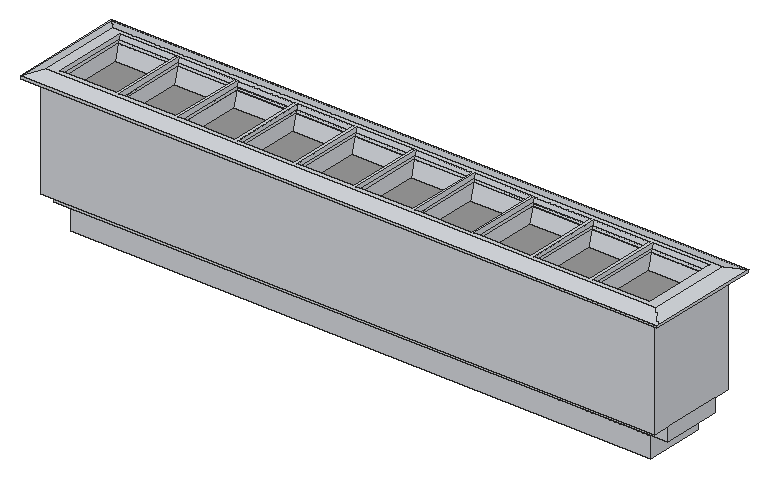
Revit family "2061198 Sylvania Lighting Fixture DOMINO 10xLED 940 BLACK MB TRIM BLACK", category Lighting Fixtures, host Face, Revit 2018
Family settings
  Host = Face
  Round Connector Dimension = Use Diameter
  Part Type = Normal
  OmniClass Number = 23.80.70.00
  OmniClass Title = Lighting
  Cut with Voids When Loaded = No
  Light Source = Yes
  Shared = No
  Room Calculation Point = No
Parameters (values of type "2061198 DOMINO 10XLED 940 BLACK MB TR BLK ")
  top top width = 15.812 mm
  top top length = 255 mm
  Width = 50 mm
  Weight = "n/a"
  Wattage Comments = ""
  Wattage = 9.2903 W
  WarrantyStartDate [instance] = "n/a"
  WarrantyGuarantorParts = "n/a"
  WarrantyDurationUnit = "n/a"
  WarrantyDurationParts = ""
  WarrantyDescription = "http://www.sylvania-lighting.com"
  built-in parameter 1150110 = 1 (stored number, unit not read)
  Voltage = 0 V
  URL = "0.95"
  TypeName = "DOMINO 10xLED 940 BLACK MB TRIM BLACK"
  Type Image = <None>
  Type Comments = "n/a"
  built-in parameter 1114217 = 1 (stored number, unit not read)
  Top Width = 26 mm
  Tilt Angle = 90.00°
  built-in parameter 1150109 = 1 (stored number, unit not read)
  built-in parameter 1150134 = 3
  built-in parameter 1150113 = 1 (stored number, unit not read)
  SerialNumber [instance] = "n/a"
  Recessed Width = 43 mm
  Recessed Length = 276 mm
  Photometric Web File = "2061198.ies"
  Material_3_FEILO = none
  PowerFactor = 0
  PowerConsumption = "Lighting"
  NominalLength = 50 mm
  NominalHeight = 0 mm
  NominalDepth = 0 mm
  Name = "DOMINO 10xLED 940 BLACK MB TRIM BLACK"
  ModelReference = Name  # "DOMINO 10xLED 940 BLACK MB TRIM BLACK"
  ModelNumber = "2061198"
  Model = Name  # "DOMINO 10xLED 940 BLACK MB TRIM BLACK"
  Material = "Feilo Sylvania"
  ManufacturerName = "67 lm/W"
  Manufacturer = ""
  LuminousEfficacy = ""
  built-in parameter 1150105 = 109.82 (stored number, unit not read)
  Lumens = 1380 lm
  LuminaireType = "0"
  built-in parameter 1150115 = 1 (stored number, unit not read)
  LightOutputRatio = "LED"
  built-in parameter 1150137 = (empty or 0)
  built-in parameter 1150139 = (empty or 0)
  Lens inside recess = 25 mm
  Lens Width = 32 mm
  Lens Outside recess = 31.978 mm
  Lens = Glass, White, High Luminance
  Length = 280 mm
  LampsType = Lamp  # "n/a"
  LampNominalLuminous = "4000 K"
  LampMacAdamStep = "90"
  LampColourTemperature = "LED"
  LampColourRenderingIndex = "16500"
  built-in parameter 1150112 = 1 (stored number, unit not read)
  built-in parameter 1150114 = 1 (stored number, unit not read)
  Lamp = "n/a"
  Keynote = "n/a"
  InstallationDate [instance] = "n/a"
  InputVoltage = "0"
  InputNominalFrequency = "4000"
  built-in parameter 1150132 = (empty or 0)
  built-in parameter 1150102 = (empty or 0)
  built-in parameter 1150107 = 3200 (stored number, unit not read)
  built-in parameter 1150138 = (empty or 0)
  IngressProtection = "IfcLightFixtureType"
  ImpactProtectionIndex = "IfcLightFixtureType"
  built-in parameter 1150106 = 1.0982 (stored number, unit not read)
  IfcExportType = "IfcLightFixtureType"
  IfcExportAs = "Class II"
  Facia internal width = 37 mm
  Facia internal length = 268 mm
  Facia Height = 2 mm
  ExpectedLife = 50000
  Emit from Circle Diameter = 609.6 mm
  Emit Shape Visible in Rendering = no
  ElectricShockClassification = "67"
  built-in parameter 1150104 = 13.8 (stored number, unit not read)
  DurationUnit = "hours"
  DocumentationLiterature = "http://www.sylvania-lighting.com/product/en-int/products/2061198"
  DimmingControlOptions = "n/a"
  Material_2_FEILO = none
  Dimming Lamp Color Temperature Shift = <None>
  Description = "Modular LED recessed linear spotlight, ideal for retail and hospitality applications. Die-cast aluminium body, passive cooling. Two levels of reflector installation, low glaring UGR<16. 10x LED source, 30° beam angle , optics: PMMA lens and polycarbonate reflector combination, Black matt reflector finish. Light color temperature: 4000K neutral white, total system power: 23W , total fixture lumen output: 1525lm, efficacy: 67 lm/W, Ra90 typical, LED chromacity: 3 step MacAdam ellipse (SDCM3), lifespan: 96,000 hours at 90% of the original output (L90B10), IR/UV free light source without heat radiation, operating voltage: 220-240V / 50-60Hz, electronic driver, ultra low flicker, non-dimmable , electrical protection: Class II. Degree of Protection: IP40/IP20, suitable for indoor environment only. Ceiling cut-out: 43x43mm, outer dimensions:  280x50mm trim frame RAL 9005 - Jet black color.5 years Warranty."
  Default Elevation = 1219.2 mm
  CreatedOn = "11/02/2021"
  CreatedBy = "@sylvania-lighting.com"
  Cost = 0
  Color Filter = 16777215
  built-in parameter 1114216 [instance] = (empty or 0)
  ClassificationValue = "EF_70_80"
  ClassificationName = "Uniclass2015"
  Material_1_FEILO = none
  Body Width = 40 mm
  Body Length = 270 mm
  BarCode [instance] = "n/a"
  built-in parameter 1114218 = 1 (stored number, unit not read)
  built-in parameter 1150133 = 10 (stored number, unit not read)
  AssetType = "Fixed"
  AssetIdentifier [instance] = "n/a"
  Assembly Code = "D5020200"
  Apparent Load = 23 VA
  Material_4_FEILO = none
Reference planes
  plane 1 "Center (Front/Back)": y = 0
  plane 2: z = 0
  plane 3 "Center (Left/Right)": x = 0
  plane 4: z = 0
  plane 5: z = -7
  plane 6: z = -45.895
  plane 7: z = -51.895
  plane 8: z = -60.895
  plane 9: x = -138
  plane 10: x = 138
  plane 11: y = 21.5
  plane 12: y = -21.5
  plane 13: x = -140
  plane 14: x = 140
  plane 15: y = 25
  plane 16: y = -25
  plane 17: x = 134
  plane 18: x = -134
  plane 19: y = 18.5
  plane 20: y = -18.5
  plane 21: z = 2
  plane 22: x = -135
  plane 23: x = 135
  plane 24: y = 20
  plane 25: y = -20
  plane 26: y = 13
  plane 27: y = -13
  plane 28: x = 127.5
  plane 29: x = -127.5
  plane 30: x = -132
  plane 31: y = 16.5
  plane 32: y = -16.472
  plane 33: y = 13
  plane 34: y = -12.972
  plane 35: x = 129.7
  plane 36: x = 127.224
Forms (mm)
  Extrusion 1, solid, not visible, detail levels medium+fine
    sketch origin (4.2, 0, 0) x (1, 0, 0) y (0, 1, 0)
      loop
        line (-29.2, 34.5) -> (-29.2, -34.5) -> (20.8, -34.5) -> (20.8, 34.5) -> (-29.2, 34.5)
    from 0 to 1
  Extrusion 2, solid, not visible, detail levels medium+fine
    sketch origin (4.044, 0, 0) x (1, 0, 0) y (0, 1, 0)
      loop
        line (-29.2, 34.5) -> (-29.2, -34.5) -> (20.8, -34.5) -> (20.8, 34.5) -> (-29.2, 34.5)
    from 0 to 1
  Blend 3, solid, not visible, detail levels medium+fine
    base sketch origin (4.2, 0, 0) x (1, 0, 0) y (0, 1, 0)
      loop
        line (-29.2, 34.5) -> (-29.2, -34.5) -> (20.8, -34.5) -> (20.8, 34.5) -> (-29.2, 34.5)
    top sketch origin (4.2, 0, 0) x (1, 0, 0) y (0, 1, 0)
      loop
        line (-21.7, 28) -> (-21.7, -28) -> (13.3, -28) -> (13.3, 28) -> (-21.7, 28)
    from 1 to 3
  Extrusion 4, solid, not visible, detail levels medium+fine
    sketch origin (3.419, 0, 0) x (1, 0, 0) y (0, 1, 0)
      loop
        line (-29.2, 34.5) -> (-29.2, -34.5) -> (20.8, -34.5) -> (20.8, 34.5) -> (-29.2, 34.5)
    from 0 to 1
  Blend 5, solid, not visible, detail levels medium+fine
    base sketch origin (3.575, 0, 0) x (1, 0, 0) y (0, 1, 0)
      loop
        line (-29.2, 34.5) -> (-29.2, -34.5) -> (20.8, -34.5) -> (20.8, 34.5) -> (-29.2, 34.5)
    top sketch origin (3.575, 0, 0) x (1, 0, 0) y (0, 1, 0)
      loop
        line (-21.7, 28) -> (-21.7, -28) -> (13.3, -28) -> (13.3, 28) -> (-21.7, 28)
    from 1 to 3
  Extrusion 6, solid, not visible, detail levels medium+fine
    sketch origin (4.247, 0, 0) x (1, 0, 0) y (0, 1, 0)
      loop
        line (-29.2, 34.5) -> (-29.2, -34.5) -> (20.8, -34.5) -> (20.8, 34.5) -> (-29.2, 34.5)
    from 0 to 1
  Blend 7, solid, not visible, detail levels medium+fine
    base sketch origin (4.403, 0, 0) x (1, 0, 0) y (0, 1, 0)
      loop
        line (-29.2, 34.5) -> (-29.2, -34.5) -> (20.8, -34.5) -> (20.8, 34.5) -> (-29.2, 34.5)
    top sketch origin (4.403, 0, 0) x (1, 0, 0) y (0, 1, 0)
      loop
        line (-21.7, 28) -> (-21.7, -28) -> (13.3, -28) -> (13.3, 28) -> (-21.7, 28)
    from 1 to 3
  Extrusion 8, void, detail levels medium+fine
    sketch origin (4.2, 0, 0) x (0, 1, 0) y (1, 0, 0)
      loop
        line (21.5, -142.2) -> (21.5, 133.8) -> (-21.5, 133.8) -> (-21.5, -142.2) -> (21.5, -142.2)
    from -9.934 to 83.097
  Extrusion 9, solid, detail levels medium+fine
    sketch origin (4.2, 0, 0) x (1, 0, 0) y (0, 1, 0)
      loop
        line (-144.2, 25) -> (-144.2, -25) -> (135.8, -25) -> (135.8, 25) -> (-144.2, 25)
    from 0 to 1
  Extrusion 10, solid, detail levels medium+fine
    sketch origin (4.2, 0, 0) x (1, 0, 0) y (0, 1, 0)
      loop
        line (-139.2, 20) -> (-139.2, -20) -> (130.8, -20) -> (130.8, 20) -> (-139.2, 20)
    from 0 to -45.895
  Extrusion 11, solid, detail levels medium+fine
    sketch origin (4.2, 0, 0) x (1, 0, 0) y (0, 1, 0)
      loop
        line (-139.2, 13) -> (-139.2, -13) -> (130.8, -13) -> (130.8, 13) -> (-139.2, 13)
    from -51.895 to -45.895
  Extrusion 12, solid, material "Glass, White, High Luminance" <- "Lens", detail levels fine
    sketch origin (-53.155, 1221.106, 36.156) x (1, 0, 0) y (0, 1, 0)
      loop
        line (-76.18, -1206.856) -> (-76.18, -1232.856) -> (-52.18, -1232.856) -> (-52.18, -1206.856) -> (-76.18, -1206.856)
    from -43.156 to -42.182
  Blend 13, solid, detail levels medium+fine
    base sketch origin (4.2, 0, 0) x (1, 0, 0) y (0, 1, 0)
      loop
        line (-144.2, 25) -> (-144.2, -25) -> (135.8, -25) -> (135.8, 25) -> (-144.2, 25)
    top sketch origin (4.2, 0, 0) x (1, 0, 0) y (0, 1, 0)
      loop
        line (-138.2, 18.5) -> (-138.2, -18.5) -> (129.8, -18.5) -> (129.8, 18.5) -> (-138.2, 18.5)
    from 1 to 3
  Extrusion 14, solid, detail levels fine
    sketch origin (0, 0, 0) x (1, 0, 0) y (0, 0, 1)
      loop
        line (-127.5, -51.895) -> (-127.5, -60.895) -> (127.5, -60.895) -> (127.5, -51.895) -> (-127.5, -51.895)
    from -13 to 13
  Blend 15, void
    base sketch origin (-59.8, 0, 0) x (0, 1, 0) y (-1, 0, 0)
      loop
        line (16.5, 69.7) -> (-16.472, 69.7) -> (-16.472, 44.7) -> (16.5, 44.7) -> (16.5, 69.7)
    top sketch origin (-59.8, 0, 0) x (0, 1, 0) y (-1, 0, 0)
      loop
        line (13, 69.2) -> (-12.972, 69.2) -> (-12.972, 45.2) -> (13, 45.2) -> (13, 69.2)
    from 3 to -7
  Blend 16, void
    base sketch origin (18.282, 0, 0) x (0, 1, 0) y (-1, 0, 0)
      loop
        line (16.5, 69.7) -> (-16.472, 69.7) -> (-16.472, 44.7) -> (16.5, 44.7) -> (16.5, 69.7)
    top sketch origin (18.282, 0, 0) x (0, 1, 0) y (-1, 0, 0)
      loop
        line (13, 69.2) -> (-12.972, 69.2) -> (-12.972, 45.2) -> (13, 45.2) -> (13, 69.2)
    from 3 to -7
  Blend 17, void
    base sketch origin (44.284, -0.017, 0) x (0, 1, 0) y (-1, 0, 0)
      loop
        line (16.5, 69.7) -> (-16.472, 69.7) -> (-16.472, 44.7) -> (16.5, 44.7) -> (16.5, 69.7)
    top sketch origin (44.284, -0.017, 0) x (0, 1, 0) y (-1, 0, 0)
      loop
        line (13, 69.2) -> (-12.972, 69.2) -> (-12.972, 45.2) -> (13, 45.2) -> (13, 69.2)
    from 3 to -7
  Blend 18, void
    base sketch origin (70.327, 0, 0) x (0, 1, 0) y (-1, 0, 0)
      loop
        line (16.5, 69.7) -> (-16.472, 69.7) -> (-16.472, 44.7) -> (16.5, 44.7) -> (16.5, 69.7)
    top sketch origin (70.327, 0, 0) x (0, 1, 0) y (-1, 0, 0)
      loop
        line (13, 69.2) -> (-12.972, 69.2) -> (-12.972, 45.2) -> (13, 45.2) -> (13, 69.2)
    from 3 to -7
  Blend 19, void
    base sketch origin (96.351, 0, 0) x (0, 1, 0) y (-1, 0, 0)
      loop
        line (16.5, 69.7) -> (-16.472, 69.7) -> (-16.472, 44.7) -> (16.5, 44.7) -> (16.5, 69.7)
    top sketch origin (96.351, 0, 0) x (0, 1, 0) y (-1, 0, 0)
      loop
        line (13, 69.2) -> (-12.972, 69.2) -> (-12.972, 45.2) -> (13, 45.2) -> (13, 69.2)
    from 3 to -7
  Extrusion 20, solid, material "Glass, White, High Luminance" <- "Lens", detail levels fine
    sketch origin (-29.269, 1219.946, 36.156) x (1, 0, 0) y (0, 1, 0)
      loop
        line (-73.723, -1206.946) -> (-73.723, -1232.946) -> (-49.723, -1232.946) -> (-49.723, -1206.946) -> (-73.723, -1206.946)
    from -43.156 to -42.182
  Extrusion 21, solid, material "Glass, White, High Luminance" <- "Lens", detail levels fine
    sketch origin (-0.613, 1219.733, 36.156) x (1, 0, 0) y (0, 1, 0)
      loop
        line (-76.347, -1206.7) -> (-76.347, -1232.733) -> (-52.347, -1232.733) -> (-52.347, -1206.7) -> (-76.347, -1206.7)
    from -43.156 to -42.182
  Extrusion 22, solid, material "Glass, White, High Luminance" <- "Lens", detail levels fine
    sketch origin (24.387, 1218.509, 36.156) x (1, 0, 0) y (0, 1, 0)
      loop
        line (-75.305, -1205.509) -> (-75.305, -1231.509) -> (-51.305, -1231.509) -> (-51.305, -1205.509) -> (-75.305, -1205.509)
    from -43.156 to -42.182
  Extrusion 23, solid, material "Glass, White, High Luminance" <- "Lens", detail levels fine
    sketch origin (51.187, 1219.547, 36.156) x (1, 0, 0) y (0, 1, 0)
      loop
        line (-76.102, -1206.547) -> (-76.102, -1232.547) -> (-52.102, -1232.547) -> (-52.102, -1206.547) -> (-76.102, -1206.547)
    from -43.156 to -42.182
  Blend 24, void
    base sketch origin (-33.792, 0, 0) x (0, 1, 0) y (-1, 0, 0)
      loop
        line (16.5, 69.7) -> (-16.472, 69.7) -> (-16.472, 44.7) -> (16.5, 44.7) -> (16.5, 69.7)
    top sketch origin (-33.792, 0, 0) x (0, 1, 0) y (-1, 0, 0)
      loop
        line (13, 69.2) -> (-12.972, 69.2) -> (-12.972, 45.2) -> (13, 45.2) -> (13, 69.2)
    from 3 to -7
  Blend 25, void
    base sketch origin (-7.76, 0, 0) x (0, 1, 0) y (-1, 0, 0)
      loop
        line (16.5, 69.7) -> (-16.472, 69.7) -> (-16.472, 44.7) -> (16.5, 44.7) -> (16.5, 69.7)
    top sketch origin (-7.76, 0, 0) x (0, 1, 0) y (-1, 0, 0)
      loop
        line (13, 69.2) -> (-12.972, 69.2) -> (-12.972, 45.2) -> (13, 45.2) -> (13, 69.2)
    from 3 to -7
  Blend 26, void
    base sketch origin (122.411, 0, 0) x (0, 1, 0) y (-1, 0, 0)
      loop
        line (16.5, 69.7) -> (-16.472, 69.7) -> (-16.472, 44.7) -> (16.5, 44.7) -> (16.5, 69.7)
    top sketch origin (122.411, 0, 0) x (0, 1, 0) y (-1, 0, 0)
      loop
        line (13, 69.2) -> (-12.972, 69.2) -> (-12.972, 45.2) -> (13, 45.2) -> (13, 69.2)
    from 3 to -7
  Extrusion 27, solid, material "Glass, White, High Luminance" <- "Lens", detail levels fine
    sketch origin (77.265, 1219.547, 36.156) x (1, 0, 0) y (0, 1, 0)
      loop
        line (-76.102, -1206.547) -> (-76.102, -1232.547) -> (-52.102, -1232.547) -> (-52.102, -1206.547) -> (-76.102, -1206.547)
    from -43.156 to -42.182
  Extrusion 28, solid, material "Glass, White, High Luminance" <- "Lens", detail levels fine
    sketch origin (100.753, 1219.547, 36.156) x (1, 0, 0) y (0, 1, 0)
      loop
        line (-76.102, -1206.547) -> (-76.102, -1232.547) -> (-52.102, -1232.547) -> (-52.102, -1206.547) -> (-76.102, -1206.547)
    from -43.156 to -42.182
  Extrusion 29, solid, material "Glass, White, High Luminance" <- "Lens", detail levels fine
    sketch origin (129.314, 1219.547, 36.156) x (1, 0, 0) y (0, 1, 0)
      loop
        line (-76.102, -1206.547) -> (-76.102, -1232.547) -> (-52.102, -1232.547) -> (-52.102, -1206.547) -> (-76.102, -1206.547)
    from -43.156 to -42.182
  Blend 30, void
    base sketch origin (148.416, 0, 0) x (0, 1, 0) y (-1, 0, 0)
      loop
        line (16.5, 69.7) -> (-16.472, 69.7) -> (-16.472, 44.7) -> (16.5, 44.7) -> (16.5, 69.7)
    top sketch origin (148.416, 0, 0) x (0, 1, 0) y (-1, 0, 0)
      loop
        line (13, 69.2) -> (-12.972, 69.2) -> (-12.972, 45.2) -> (13, 45.2) -> (13, 69.2)
    from 3 to -7
  Extrusion 31, solid, material "Glass, White, High Luminance" <- "Lens", detail levels fine
    sketch origin (155.278, 1219.547, 36.156) x (1, 0, 0) y (0, 1, 0)
      loop
        line (-76.102, -1206.547) -> (-76.102, -1232.547) -> (-52.102, -1232.547) -> (-52.102, -1206.547) -> (-76.102, -1206.547)
    from -43.156 to -42.182
  Blend 32, void
    base sketch origin (174.42, 0, 0) x (0, 1, 0) y (-1, 0, 0)
      loop
        line (16.5, 69.7) -> (-16.472, 69.7) -> (-16.472, 44.7) -> (16.5, 44.7) -> (16.5, 69.7)
    top sketch origin (174.42, 0, 0) x (0, 1, 0) y (-1, 0, 0)
      loop
        line (13, 69.2) -> (-12.972, 69.2) -> (-12.972, 45.2) -> (13, 45.2) -> (13, 69.2)
    from 3 to -7
  Extrusion 33, solid, material "Glass, White, High Luminance" <- "Lens", detail levels fine
    sketch origin (181.434, 1219.547, 36.156) x (1, 0, 0) y (0, 1, 0)
      loop
        line (-76.214, -1206.547) -> (-76.214, -1232.547) -> (-52.214, -1232.547) -> (-52.214, -1206.547) -> (-76.214, -1206.547)
    from -43.156 to -42.182
  Extrusion 34, solid, detail levels coarse
    sketch origin (4.2, 0, 0) x (1, 0, 0) y (0, 1, 0)
      loop
        line (-144.2, 25) -> (-144.2, -25) -> (135.8, -25) -> (135.8, 25) -> (-144.2, 25)
    from -60.895 to 3
Cuts and joins
  Blend 15, Blend 16, Blend 17, Blend 18, Blend 19, Blend 24, Blend 25, Blend 26, Blend 30, Blend 32 cuts Extrusion 9
  Blend 15, Blend 16, Blend 17, Blend 18, Blend 19, Blend 24, Blend 25, Blend 26, Blend 30, Blend 32 cuts Extrusion 10
  Blend 15, Blend 16, Blend 17, Blend 18, Blend 19, Blend 24, Blend 25, Blend 26, Blend 30, Blend 32 cuts Blend 13
  Blend 32 cuts Extrusion 31
Dimensions and locks
  "Recessed Length": plane 9 to plane 10
  equal spacing: plane 9, plane 3 "Center (Left/Right)", plane 10
  "Length": plane 13 to plane 14
  equal spacing: plane 13, plane 3 "Center (Left/Right)", plane 14
  "Recessed Width": plane 11 to plane 12
  equal spacing: plane 11, plane 1 "Center (Front/Back)", plane 12
  "Width": plane 15 to plane 16
  equal spacing: plane 15, plane 1 "Center (Front/Back)", plane 16
  "Facia internal length": plane 18 to plane 17
  equal spacing: plane 18, plane 3 "Center (Left/Right)", plane 17
  "Facia internal width": plane 19 to plane 20
  equal spacing: plane 19, plane 1 "Center (Front/Back)", plane 20
  "Facia Height": plane 21 to host face
  "Body Length": plane 22 to plane 23
  equal spacing: plane 22, plane 3 "Center (Left/Right)", plane 23
  "Body Width": plane 24 to plane 25
  equal spacing: plane 24, plane 1 "Center (Front/Back)", plane 25
  "Top Width": plane 26 to plane 27
  equal spacing: plane 26, plane 1 "Center (Front/Back)", plane 27
  "top top length": plane 29 to plane 28
  equal spacing: plane 29, plane 3 "Center (Left/Right)", plane 28  (x2)
  plane 28 to plane 29 = 255 mm
  equal spacing: plane 28, plane 3 "Center (Left/Right)", plane 29
  aligned and locked: plane 2 to host face
  aligned and locked: level to host face
  aligned and locked: Extrusion 11 to plane 7
  aligned and locked: Extrusion 10 to plane 6
  aligned and locked: Extrusion 12 to plane 5
Automatic sketch dimensions
  Extrusion 1 sketch curve to Extrusion 1 sketch curve = 50 mm
  Extrusion 1 sketch curve to Extrusion 1 sketch curve = 69 mm
  Extrusion 2 sketch curve to Extrusion 2 sketch curve = 50 mm
  Extrusion 2 sketch curve to Extrusion 2 sketch curve = 69 mm
  Blend 3 sketch curve to Blend 3 sketch curve = 50 mm
  Blend 3 sketch curve to Blend 3 sketch curve = 69 mm
  Blend 3 sketch curve to Blend 3 sketch curve = 35 mm
  Blend 3 sketch curve to Blend 3 sketch curve = 56 mm
  Extrusion 4 sketch curve to Extrusion 4 sketch curve = 50 mm
  Extrusion 4 sketch curve to Extrusion 4 sketch curve = 69 mm
  Blend 5 sketch curve to Blend 5 sketch curve = 50 mm
  Blend 5 sketch curve to Blend 5 sketch curve = 69 mm
  Blend 5 sketch curve to Blend 5 sketch curve = 35 mm
  Blend 5 sketch curve to Blend 5 sketch curve = 56 mm
  Extrusion 6 sketch curve to Extrusion 6 sketch curve = 50 mm
  Extrusion 6 sketch curve to Extrusion 6 sketch curve = 69 mm
  Blend 7 sketch curve to Blend 7 sketch curve = 50 mm
  Blend 7 sketch curve to Blend 7 sketch curve = 69 mm
  Blend 7 sketch curve to Blend 7 sketch curve = 35 mm
  Blend 7 sketch curve to Blend 7 sketch curve = 56 mm
  host sketch curve to host sketch curve = 2438.4 mm  (x2)
  Extrusion 8 sketch curve to plane 9 = 0 mm
  Extrusion 8 sketch curve to plane 12 = 0 mm
  Extrusion 8 sketch curve to plane 11 = 0 mm
  Extrusion 8 sketch curve to plane 10 = 0 mm
  Extrusion 9 sketch curve to plane 13 = 0 mm
  Extrusion 9 sketch curve to plane 14 = 0 mm
  Extrusion 9 sketch curve to plane 16 = 0 mm
  Extrusion 9 sketch curve to plane 15 = 0 mm
  Extrusion 10 sketch curve to plane 22 = 0 mm
  Extrusion 10 sketch curve to plane 23 = 0 mm
  Extrusion 10 sketch curve to plane 25 = 0 mm
  Extrusion 10 sketch curve to plane 24 = 0 mm
  Extrusion 11 sketch curve to plane 22 = 0 mm
  Extrusion 11 sketch curve to plane 23 = 0 mm
  Extrusion 11 sketch curve to plane 27 = 0 mm
  plane 26 to Extrusion 11 sketch curve = 0 mm
  plane 27 to Extrusion 12 sketch curve = 1.25 mm
  plane 26 to Extrusion 12 sketch curve = 1.25 mm
  plane 30 to Extrusion 12 sketch curve = 2.665 mm
  Blend 13 sketch curve to plane 13 = 0 mm
  Blend 13 sketch curve to plane 14 = 0 mm
  Blend 13 sketch curve to plane 16 = 0 mm
  Blend 13 sketch curve to plane 15 = 0 mm
  Blend 13 sketch curve to plane 18 = 0 mm
  Blend 13 sketch curve to plane 17 = 0 mm
  Blend 13 sketch curve to plane 20 = 0 mm
  Blend 13 sketch curve to plane 19 = 0 mm
  Extrusion 14 sketch curve to plane 8 = 0 mm
  Extrusion 14 sketch curve to plane 29 = 0 mm
  Extrusion 14 sketch curve to plane 28 = 0 mm
  Extrusion 14 sketch curve to plane 7 = 0 mm
  plane 30 to Blend 15 sketch curve = 2.5 mm
  Blend 15 sketch curve to plane 32 = 0 mm
  Blend 15 sketch curve to plane 31 = 0 mm
  Blend 15 sketch curve to plane 34 = 0 mm
  Blend 15 sketch curve to plane 26 = 0 mm
  plane 30 to Blend 15 sketch curve = 3 mm
  Blend 16 sketch curve to plane 32 = 0 mm
  Blend 16 sketch curve to plane 31 = 0 mm
  Blend 16 sketch curve to plane 34 = 0 mm
  Blend 16 sketch curve to plane 26 = 0 mm
  Blend 17 sketch curve to plane 32 = 0.017 mm
  Blend 17 sketch curve to plane 31 = 0.017 mm
  plane 27 to Blend 17 sketch curve = 0.011 mm
  Blend 17 sketch curve to plane 26 = 0.017 mm
  plane 32 to Blend 18 sketch curve = 0 mm
  plane 31 to Blend 18 sketch curve = 0 mm
  plane 34 to Blend 18 sketch curve = 0 mm
  plane 26 to Blend 18 sketch curve = 0 mm
  Blend 19 sketch curve to plane 32 = 0 mm
  Blend 19 sketch curve to plane 31 = 0 mm
  Blend 19 sketch curve to plane 34 = 0 mm
  Blend 19 sketch curve to plane 26 = 0 mm
  Extrusion 20 sketch curve to plane 27 = 0 mm
  Extrusion 20 sketch curve to plane 26 = 0 mm
  Extrusion 21 sketch curve to plane 27 = 0 mm
  plane 26 to Extrusion 21 sketch curve = 0.033 mm
  Extrusion 22 sketch curve to plane 27 = 0 mm
  Extrusion 22 sketch curve to plane 26 = 0 mm
  Extrusion 23 sketch curve to plane 27 = 0 mm
  Extrusion 23 sketch curve to plane 26 = 0 mm
  Blend 24 sketch curve to plane 32 = 0 mm
  Blend 24 sketch curve to plane 31 = 0 mm
  Blend 24 sketch curve to plane 34 = 0 mm
  Blend 24 sketch curve to plane 26 = 0 mm
  Blend 25 sketch curve to plane 32 = 0 mm
  Blend 25 sketch curve to plane 31 = 0 mm
  Blend 25 sketch curve to plane 34 = 0 mm
  Blend 25 sketch curve to plane 26 = 0 mm
  Blend 26 sketch curve to plane 32 = 0 mm
  Blend 26 sketch curve to plane 31 = 0 mm
  Blend 26 sketch curve to plane 34 = 0 mm
  Blend 26 sketch curve to plane 26 = 0 mm
  Extrusion 27 sketch curve to plane 27 = 0 mm
  Extrusion 27 sketch curve to plane 26 = 0 mm
  Extrusion 28 sketch curve to plane 27 = 0 mm
  Extrusion 28 sketch curve to plane 26 = 0 mm
  Extrusion 29 sketch curve to plane 27 = 0 mm
  Extrusion 29 sketch curve to plane 26 = 0 mm
  Blend 30 sketch curve to plane 32 = 0 mm
  Blend 30 sketch curve to plane 31 = 0 mm
  Blend 30 sketch curve to plane 34 = 0 mm
  Blend 30 sketch curve to plane 26 = 0 mm
  Extrusion 31 sketch curve to plane 27 = 0 mm
  Extrusion 31 sketch curve to plane 26 = 0 mm
  Blend 32 sketch curve to plane 32 = 0 mm
  Blend 32 sketch curve to plane 31 = 0 mm
  plane 28 to Blend 32 sketch curve = 2.22 mm
  Blend 32 sketch curve to plane 34 = 0 mm
  Blend 32 sketch curve to plane 26 = 0 mm
  plane 28 to Blend 32 sketch curve = 1.72 mm
  plane 27 to Extrusion 33 sketch curve = 0 mm
  plane 26 to Extrusion 33 sketch curve = 0 mm
  plane 28 to Extrusion 33 sketch curve = 1.72 mm
  Extrusion 21 sketch curve to Extrusion 21 sketch curve = 24 mm
  Blend 25 sketch curve to Blend 25 sketch curve = 24 mm
  plane 29 to Extrusion 12 sketch curve = 22.165 mm
  plane 29 to Blend 15 sketch curve = 23 mm
  plane 29 to Blend 15 sketch curve = 22.5 mm
  plane 29 to Extrusion 20 sketch curve = 24.508 mm
  Extrusion 20 sketch curve to Extrusion 20 sketch curve = 24 mm
  plane 29 to Blend 24 sketch curve = 49.008 mm
  plane 29 to Blend 24 sketch curve = 24.008 mm
  plane 29 to Blend 24 sketch curve = 48.508 mm
  Blend 24 sketch curve to Blend 24 sketch curve = 24 mm
  Blend 25 sketch curve to Blend 25 sketch curve = 25 mm
  Blend 16 sketch curve to Blend 16 sketch curve = 25 mm
  Blend 16 sketch curve to Blend 16 sketch curve = 24 mm
  plane 29 to Extrusion 21 sketch curve = 50.54 mm
  Extrusion 22 sketch curve to Extrusion 22 sketch curve = 24 mm
  Blend 16 sketch curve to plane 3 "Center (Left/Right)" = 26.418 mm
  Blend 16 sketch curve to plane 3 "Center (Left/Right)" = 26.918 mm
  Blend 17 sketch curve to plane 3 "Center (Left/Right)" = 0.416 mm
  Blend 17 sketch curve to Blend 17 sketch curve = 25 mm
  Blend 17 sketch curve to plane 3 "Center (Left/Right)" = 0.916 mm
  Blend 17 sketch curve to Blend 17 sketch curve = 24 mm
  plane 3 "Center (Left/Right)" to Blend 18 sketch curve = 0.627 mm
  plane 3 "Center (Left/Right)" to Blend 18 sketch curve = 1.127 mm
  Extrusion 22 sketch curve to plane 3 "Center (Left/Right)" = 50.918 mm
  Extrusion 23 sketch curve to plane 3 "Center (Left/Right)" = 24.916 mm
  Extrusion 23 sketch curve to plane 3 "Center (Left/Right)" = 0.916 mm
  Blend 25 sketch curve to plane 3 "Center (Left/Right)" = 52.46 mm
  Blend 25 sketch curve to plane 3 "Center (Left/Right)" = 52.96 mm
  plane 3 "Center (Left/Right)" to Extrusion 27 sketch curve = 1.162 mm
  Blend 18 sketch curve to Blend 18 sketch curve = 25 mm
  Blend 18 sketch curve to Blend 18 sketch curve = 24 mm
  plane 3 "Center (Left/Right)" to Blend 19 sketch curve = 51.651 mm
  Blend 19 sketch curve to Blend 19 sketch curve = 25 mm
  plane 3 "Center (Left/Right)" to Blend 19 sketch curve = 51.151 mm
  Blend 19 sketch curve to Blend 19 sketch curve = 24 mm
  Blend 26 sketch curve to plane 36 = 49.513 mm
  Blend 26 sketch curve to Blend 26 sketch curve = 25 mm
  Blend 26 sketch curve to plane 36 = 50.013 mm
  Blend 26 sketch curve to Blend 26 sketch curve = 24 mm
  Extrusion 27 sketch curve to Extrusion 27 sketch curve = 24 mm
  plane 3 "Center (Left/Right)" to Extrusion 28 sketch curve = 24.651 mm
  Extrusion 28 sketch curve to Extrusion 28 sketch curve = 24 mm
  plane 3 "Center (Left/Right)" to Extrusion 29 sketch curve = 53.211 mm
  Extrusion 29 sketch curve to Extrusion 29 sketch curve = 24 mm
  Blend 30 sketch curve to plane 36 = 23.508 mm
  Blend 30 sketch curve to Blend 30 sketch curve = 25 mm
  Blend 30 sketch curve to plane 36 = 24.008 mm
  Blend 30 sketch curve to Blend 30 sketch curve = 24 mm
  Extrusion 31 sketch curve to plane 36 = 48.048 mm
  Extrusion 31 sketch curve to Extrusion 31 sketch curve = 24 mm
  Blend 32 sketch curve to plane 36 = 22.504 mm
  Blend 32 sketch curve to plane 36 = 22.004 mm
  Extrusion 33 sketch curve to plane 36 = 22.004 mm
  Extrusion 34 sketch curve to plane 13 = 0 mm
  Extrusion 34 sketch curve to plane 14 = 0 mm
  Extrusion 34 sketch curve to plane 16 = 0 mm
  Extrusion 34 sketch curve to plane 15 = 0 mm
Connectors
  electrical at (0, 0, -60.895)
    settings: on Extrusion 14, index 1, voltage 0 V, apparent load 0 VA, apparent load phase1 0 VA, apparent load phase2 0 VA, apparent load phase3 0 VA, power factor 1, load classification "Other", number of poles 1, system type 31, power factor state 1, is connector primary yes, connector utility no, sub classification motor no, connector description ""
